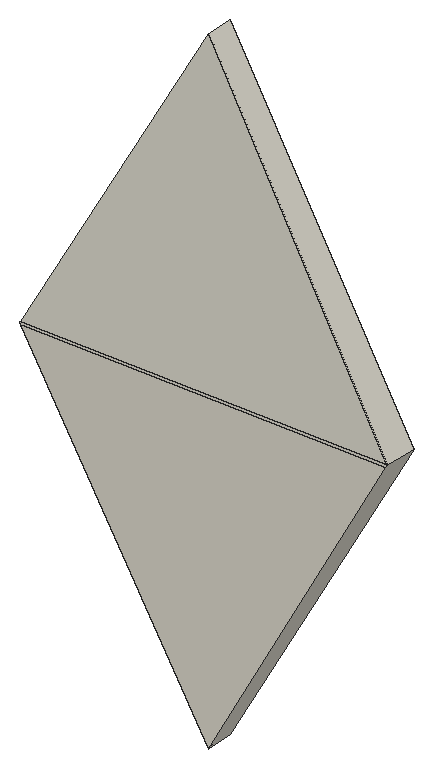
Revit family "DIAMOND 3D Medium PANEL", category Generic Models, Revit 2019
Family settings
  Can host rebar = No
  Round Connector Dimension = Use Diameter
  Part Type = Normal
  Work Plane-Based = No
  Always vertical = Yes
  Cut with Voids When Loaded = Yes
  Shared = No
  Room Calculation Point = No
Parameters
  Strie 817 = Strie 817
Reference planes (in)
  plane 1 "Center (Front/Back)": y = 0
  plane 2: z = 0
  plane 3 "Center (Left/Right)": x = 0
Forms (in)
  Extrusion 1, solid, material "Strie 817"
    sketch origin (0, -0.70402, 0.14096) x (1, 0, 0) y (0, 0, -1)
      loop
        line (6.875, 0) -> (0, 12) -> (-6.875, 0) -> (0, -12) -> (6.875, 0)
    from 0.20402 to 1.45402
  Extrusion 2, void
    sketch origin (-6.875, 0, -0.03898) x (0, 1, 0) y (0, 0, 1)
      loop
        line (-0.5, 12.20402) -> (-0.5, 0.20402) -> (-0.25, 12.20402) -> (-0.5, 12.20402)
    from 0 to 13.875
  Extrusion 3, void
    sketch origin (-6.875, 0, 0.27006) x (0, 1, 0) y (0, 0, 1)
      loop
        line (-0.5, -12.65803) -> (-0.24054, -12.65803) -> (-0.5, -0.20402) -> (-0.5, -12.65803)
    from -1.15974 to 14.125
  Sweep 4, void
    path origin (-0.06616, -0.2505, -5.21299) x (0.999992, 0, -0.003912) y (0.003912, 0, 0.999992)
      loop
        line (-0.0017, 17.34459) -> (-6.82969, 5.31778) -> (0.0922, -6.65523) -> (6.9202, 5.37158) -> (-0.0017, 17.34459)
    profile origin (0, -0.2505, 12.13147) x (0.867686, 0, 0.497112) y (0, -1, 0)
      loop
        line (0.45601, 0.26763) -> (-0.7353, 0.26763) -> (0, 0) -> (0.45601, 0) -> (0.45601, 0.26763)
Cuts and joins
  Extrusion 2, Extrusion 3 cuts Extrusion 1
Dimensions and locks (in)
  aligned and locked: plane 2 to level
